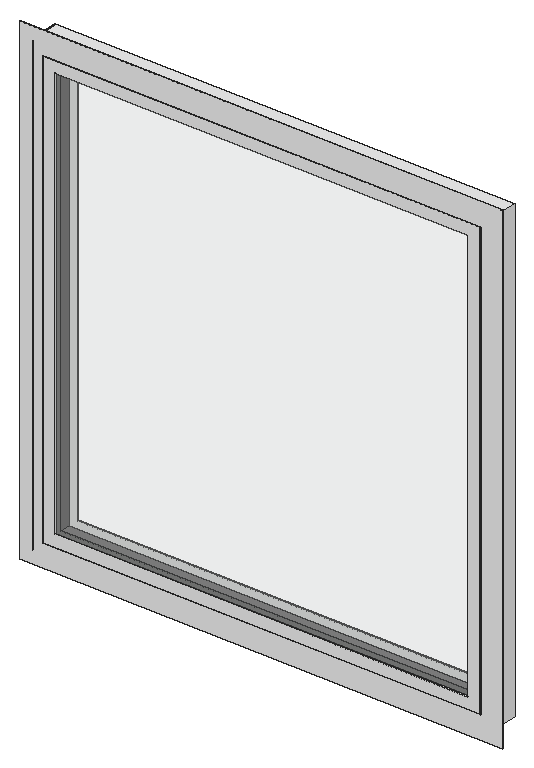
Revit family "Casement_30.5_C_Top_Hung_Standard", category Windows, host Wall, Revit 2014
Parameters (values of type "Casement_Sash_DG")
  Width Sash [instance] = 30 mm
  Width Sash Inner = 15 mm
  Width Bead = 15 mm
  Top Hung [instance] = yes
  Side Hung Right [instance] = yes
  Side Hung Left [instance] = yes
  Sash Opening Width [instance] = 600 mm
  Sash Opening Height [instance] = 600.312 mm
  Sash Lip = 15 mm
  Glazing Material [instance] = Glass
  DG Start Piece 2 [instance] = DG End Piece 1 + DG Gasket Thickness  # 25 mm
  DG Start Peice 1 [instance] = (Depth Sash - (2 * DG Glazing Thickness) - DG Gasket Thickness) / 2  # 6.6 mm
  Glazing Offset = 5 mm
  DG Glazing Thickness [instance] = 6.4 mm
  DG Gasket Thickness = 12 mm  # constant formula
  DG Gasket Material [instance] = Double Glazing Gasket Material
  DG End Piece 2 [instance] = DG Start Piece 2 + DG Glazing Thickness  # 31.4 mm
  DG End Piece 1 [instance] = DG Start Peice 1 + DG Glazing Thickness  # 13 mm
  Depth Sash [instance] = 38 mm
  Center Vertical Sash [instance] = Sash Opening Height / 2  # 300.156 mm
  Center Horizontal Sash [instance] = Sash Opening Width / 2  # 300 mm
  Bottom Hung [instance] = yes
  Bead Offset = 15 mm
  Aluminium Thickness = 1 mm
  Aluminium Material [instance] = White Powder Coated Aluminium
Reference planes
  plane 1 "Center (Front/Back)": y = 0
  plane 2: z = 0
  plane 3 "Center (Left/Right)": x = 0
Forms (mm)
  Sweep 1, solid, material "White Powder Coated Aluminium" <- "Aluminium Material"
    path origin (16.177, 0, 121.331) x (1, 0, 0) y (0, 0, 1)
      loop
        line (0, 0) -> (600, 0) -> (600, 600.312) -> (0, 600.312) -> (0, 0)
    profile origin (316.177, 0, 121.331) x (0, 0, 1) y (0, -1, 0)
      loop
        line (0, 0) -> (30, 0) -> (30, 1) -> (15, 1) -> (15, 38) -> (-15, 38) -> (-15, 37) -> (0, 37) -> (0, 0)
      loop
        line (14, 1) -> (14, 37) -> (1, 37) -> (1, 1) -> (14, 1)
  Sweep 2, solid, material "White Powder Coated Aluminium" <- "Aluminium Material"
    path origin (0, 0, 0) x (1, 0, 0) y (0, 0, 1)
      loop
        line (31.177, 706.643) -> (31.177, 136.331) -> (601.177, 136.331) -> (601.177, 706.643) -> (31.177, 706.643)
    profile origin (316.177, 0, 706.643) x (0, 0, 1) y (0, -1, 0)
      loop
        line (0, 37) -> (0, 38) -> (-15, 38) -> (-15, 37) -> (0, 37)
  Extrusion 3, solid, material "Glass" <- "Glazing Material"
    sketch origin (0, 0, 0) x (1, 0, 0) y (0, 0, 1)
      loop
        line (36.177, 701.643) -> (36.177, 141.331) -> (596.177, 141.331) -> (596.177, 701.643) -> (36.177, 701.643)
    from 6.6 <- "DG Start Peice 1" to 13 <- "DG End Piece 1"
  Extrusion 4, solid, material "Glass" <- "Glazing Material"
    sketch origin (0, 0, 0) x (1, 0, 0) y (0, 0, 1)
      loop
        line (36.177, 701.643) -> (36.177, 141.331) -> (596.177, 141.331) -> (596.177, 701.643) -> (36.177, 701.643)
    from 31.4 <- "DG End Piece 2" to 25 <- "DG Start Piece 2"
  Sweep 5, solid, material "Double Glazing Gasket Material" <- "DG Gasket Material"
    path origin (0, -13, 0) x (1, 0, 0) y (0, 0, 1)
      loop
        line (36.177, 701.643) -> (36.177, 141.331) -> (596.177, 141.331) -> (596.177, 701.643) -> (36.177, 701.643)
    profile origin (316.177, -13, 701.643) x (0, 0, 1) y (0, -1, 0)
      loop
        line (0, 0) -> (0, 12) -> (-7.96, 12) -> (-7.96, 0) -> (0, 0)
Lines and regions (mm)
  model lines
    curve 1: line (1.177, -38, 736.643) -> (31.177, -38, 706.643)
    curve 2: line (601.177, -38, 706.643) -> (631.177, -38, 736.643)
    curve 3: line (601.177, -38, 136.331) -> (631.177, -38, 106.331)
    curve 4: line (1.177, -38, 106.331) -> (31.177, -38, 136.331)
    curve 5: line (631.177, -37, 736.643) -> (616.177, -37, 721.643)
    curve 6: line (1.177, -37, 736.643) -> (16.177, -37, 721.643)
    curve 7: line (1.177, -37, 106.331) -> (16.177, -37, 121.331)
    curve 8: line (631.177, -37, 106.331) -> (616.177, -37, 121.331)
    curve 9: line (616.177, 0, 121.331) -> (586.177, 0, 151.331)
    curve 10: line (46.177, 0, 151.331) -> (16.177, 0, 121.331)
    curve 11: line (616.177, 0, 721.643) -> (586.177, 0, 691.643)
    curve 12: line (46.177, 0, 691.643) -> (16.177, 0, 721.643)
    curve 13: line (31.177, -38, 691.643) -> (46.177, -38, 691.643)
    curve 14: line (586.177, -38, 691.643) -> (601.177, -38, 691.643)
    curve 15: line (586.177, -38, 151.331) -> (601.177, -38, 151.331)
    curve 16: line (31.177, -38, 151.331) -> (46.177, -38, 151.331)
  model lines, style "GenericModelHiddenLines", visible <- "Top Hung"
    curve 17: line (46.386, -31.4, 690.914) -> (316.177, -31.4, 151.331)
    curve 18: line (316.177, -31.4, 151.331) -> (586.177, -31.4, 691.331)
  model lines, style "GenericModelHiddenLines", visible <- "Bottom Hung"
    curve 19: line (46.177, -31.4, 151.331) -> (316.177, -31.4, 691.331)
    curve 20: line (316.177, -31.4, 691.331) -> (586.177, -31.4, 151.331)
  model lines, style "GenericModelHiddenLines", visible <- "Side Hung Left"
    curve 21: line (46.386, -31.4, 690.914) -> (585.24, -31.4, 421.487)
    curve 22: line (585.24, -31.4, 421.487) -> (46.177, -31.4, 151.331)
  model lines, style "GenericModelHiddenLines", visible <- "Side Hung Right"
    curve 23: line (586.177, -31.4, 691.331) -> (46.177, -31.4, 421.487)
    curve 24: line (46.177, -31.4, 421.487) -> (586.177, -31.4, 151.331)
Dimensions and locks
  "Aluminium Thickness": Sweep 1 sketch curve to Sweep 1 sketch curve  (x4)
  "Depth Sash": Sweep 1 sketch curve to Sweep 1 sketch curve
  "Sash Opening Width": Sweep 1 to Sweep 1
  "Sash Opening Height": Sweep 1 to Sweep 1
  "Width Sash": Sweep 1 sketch curve to Sweep 1 sketch curve  (x2)
  "Width Sash Inner": Sweep 1 sketch curve to Sweep 1 sketch curve
  "Sash Lip": Sweep 1 sketch curve to Sweep 1 sketch curve
  "Aluminium Thickness": Sweep 1 to Sweep 2 sketch curve
  "Glazing Offset": Sweep 2 to Extrusion 3 sketch curve  (x3)
  "Glazing Offset": Extrusion 3 sketch curve to Sweep 2
  Sweep 1 to Sweep 1 = 1 mm
  "Aluminium Thickness": Sweep 2 sketch curve to Sweep 2 sketch curve
  "Width Bead": Sweep 2 sketch curve to Sweep 2 sketch curve
  locked: Sweep 5 sketch curve to Sweep 5 sketch curve at 7.96
  "Center Horizontal Sash": Sweep 1 to curve 18
  "Center Horizontal Sash": Sweep 1 to curve 20
  "Center Vertical Sash": Sweep 1 to curve 22
  "Center Vertical Sash": Sweep 1 to curve 24
  aligned and locked: level to plane 2
  aligned and locked: Sweep 1 sketch curve to Sweep 1 sketch curve  (x2)
  aligned and locked: Sweep 2 sketch curve to Sweep 1  (x5)
  aligned and locked: Extrusion 4 sketch curve to Extrusion 3  (x4)
  aligned and locked: Sweep 5 sketch curve to Extrusion 3  (x5)
  aligned and locked: Extrusion 3 to Sweep 5 sketch curve
Automatic sketch dimensions
  plane 3 "Center (Left/Right)" to Sweep 1 sketch curve = 16.177 mm
  level to Sweep 1 sketch curve = 121.331 mm
  plane 3 "Center (Left/Right)" to Sweep 1 sketch curve = 616.177 mm
  level to Sweep 1 sketch curve = 721.643 mm
  profile plane to Sweep 5 sketch curve = 12 mm
  curve 7 to Sweep 1 = 0 mm  (x4)
  curve 6 to Sweep 1 = 0 mm  (x3)
  Sweep 1 to curve 6 = 0 mm
  curve 5 to Sweep 1 = 0 mm  (x3)
  curve 8 to Sweep 1 = 0 mm  (x4)
  Sweep 1 to curve 5 = 0 mm
  curve 16 to Sweep 2 = 0 mm  (x3)
  curve 13 to Sweep 2 = 0 mm  (x3)
  curve 15 to Sweep 2 = 0 mm
  Sweep 2 to curve 15 = 0 mm  (x2)
  curve 14 to Sweep 2 = 0 mm  (x2)
  Sweep 2 to curve 14 = 0 mm
  curve 1 to Sweep 1 = 0 mm  (x4)
  curve 4 to Sweep 1 = 0 mm  (x3)
  Sweep 1 to curve 4 = 0 mm
  curve 3 to Sweep 1 = 0 mm  (x3)
  curve 2 to Sweep 1 = 0 mm  (x4)
  Sweep 1 to curve 3 = 0 mm
  curve 10 to Sweep 1 = 0 mm  (x4)
  curve 12 to Sweep 1 = 0 mm  (x3)
  Sweep 1 to curve 12 = 0 mm
  curve 9 to Sweep 1 = 0 mm  (x4)
  curve 11 to Sweep 1 = 0 mm  (x3)
  Sweep 1 to curve 11 = 0 mm
  Sweep 1 sketch curve to plane 1 "Center (Front/Back)" = 0 mm
  profile plane to Sweep 1 sketch curve = 0 mm
  curve 21 to Extrusion 4 = 10.208 mm
  curve 19 to Extrusion 4 = 10 mm
  curve 23 to Extrusion 4 = 10 mm  (x2)
  curve 22 to Extrusion 4 = 10.937 mm
  curve 20 to Extrusion 4 = 10 mm
  curve 24 to Extrusion 4 = 10 mm
  curve 22 to Extrusion 4 = 10 mm
  curve 18 to Extrusion 4 = 10 mm
  curve 21 to Extrusion 4 = 10.729 mm
  curve 19 to Extrusion 4 = 10.312 mm
  curve 18 to Extrusion 4 = 10.312 mm
Types in the file's own list only (6): name | Windload Design | Width Sash Right Opening | Width Sash Right | Width Sash Left Opening | Width Sash Left | Width Profile | Width Fixed Panel Center | Width | URL | Offset Window Exterior | Offset Mullion Right Side | Max System DG Unit Thickness | Max System DG One Piece Thickness | Max Pane Area | Limit Fixed Pane Width Max | Intruderprufe U Value | Intruderprufe SHGC Value | Intruderprufe LowE U Value | Intruderprufe LowE SHGC Value | Height Sash Opening | Height | Energy Advantage U Value | Energy Advantage SHGC Value | DG Thickness Calc | DG Thickness | Custom Window Width | Custom Window Height | Window Exterior Offset | Custom Windload | Custom Sash Right Width | Custom Sash Left Width | Sash Height | Sash Spacing Inner | Sash Overlap | Sash Center Offset | SG Gasket Thickness | Offset Sash Side | Offset Sash Top | Offset Fixed Panel Left | Offset Mullion Left Side | Offset Bead Center Reversed | Model | Manufacturer | Limit Window Width Min | Limit Window Width Max | Limit Window Height Min | Limit Window Height Max | Limit Sash Width Min | Limit Sash Width Max | Limit Sash Height Min | Limit Sash Height Max | Limit Fixed Pane Width Min | Length Mullion | Height Sash | Height Fixed Panel Center | Double Glazing | Description | Depth Mullion | Frame Center Offset | Depth Bead | Default Sill Height | Wall Closure | DG Gasket Finish | DG Extrusion Start | Mullion Depth Windload Based | Clearvue U Value | Clearvue SHGC Value | Casement Dimension | Bottom Hung | Bead SG Gap | Area Pane Right | Area Pane Middle | Area Pane Left
  305-1806TT-1000Pa | 1000 mm | 524 mm | 554 mm | 524 mm | 554 mm | 30 mm | 590 mm | 1790 mm | "http://www.crealco.co.za/crealco-products.php" | 15 mm | 570 mm | 18 mm | 3 mm | 0.30 m² | 1500 mm | 6.12 | 0.532 | 4.73 | 0.472 | 544 mm | 590 mm | 4.82 | 0.5 | 3 mm | 3 mm | 1790 mm | 590 mm | 0 mm | 1000 mm | 554 mm | 554 mm | 545 mm | 8 mm | 7 mm | 12 mm | 6 mm | 23 mm | 23 mm | 600 mm | 570 mm | 15 mm | "Casement 30.5" | "Crealco" | 1400 mm | 2700 mm | 346 mm | 796 mm | 300 mm | 1000 mm | 300 mm | 750 mm | 200 mm | 590 mm | 514 mm | 530 mm | No | "Window 30.5mm, Type C top hung" | 32 mm | 15 mm | 17 mm | 800 mm | By host | Double Glazing Gasket Material | 5 mm | 32 mm | 6.26 | 0.559 | 31 mm | No | 13 mm | 0.22 m² | 0.30 m² | 0.22 m²
  305-2406TT-1000Pa | 1000 mm | 524 mm | 554 mm | 524 mm | 554 mm | 30 mm | 1190 mm | 2390 mm | "http://www.crealco.co.za/crealco-products.php" | 15 mm | 570 mm | 18 mm | 3 mm | 0.61 m² | 1500 mm | 6.1 | 0.532 | 4.74 | 0.473 | 544 mm | 590 mm | 4.86 | 0.499 | 3 mm | 3 mm | 2390 mm | 590 mm | 0 mm | 1000 mm | 554 mm | 554 mm | 545 mm | 8 mm | 7 mm | 12 mm | 6 mm | 23 mm | 23 mm | 600 mm | 570 mm | 15 mm | "Casement 30.5" | "Crealco" | 1400 mm | 2700 mm | 346 mm | 796 mm | 300 mm | 1000 mm | 300 mm | 750 mm | 200 mm | 590 mm | 514 mm | 530 mm | No | "Window 30.5mm, Type C top hung" | 32 mm | 15 mm | 17 mm | 800 mm | By host | Double Glazing Gasket Material | 5 mm | 32 mm | 6.24 | 0.557 | 31 mm | No | 13 mm | 0.22 m² | 0.61 m² | 0.22 m²
  305-1806TT-1500Pa | 1500 mm | 524 mm | 554 mm | 524 mm | 554 mm | 30 mm | 590 mm | 1790 mm | "http://www.crealco.co.za/crealco-products.php" | 15 mm | 570 mm | 18 mm | 3 mm | 0.30 m² | 1500 mm | 6.12 | 0.532 | 4.73 | 0.472 | 544 mm | 590 mm | 4.82 | 0.5 | 3 mm | 3 mm | 1790 mm | 590 mm | 0 mm | 1500 mm | 554 mm | 554 mm | 545 mm | 8 mm | 7 mm | 12 mm | 6 mm | 23 mm | 23 mm | 600 mm | 570 mm | 15 mm | "Casement 30.5" | "Crealco" | 1400 mm | 2700 mm | 346 mm | 796 mm | 300 mm | 1000 mm | 300 mm | 750 mm | 200 mm | 590 mm | 514 mm | 530 mm | No | "Window 30.5mm, Type C top hung" | 32 mm | 15 mm | 17 mm | 800 mm | By host | Double Glazing Gasket Material | 5 mm | 32 mm | 6.26 | 0.559 | 31 mm | No | 13 mm | 0.22 m² | 0.30 m² | 0.22 m²
  305-1806TT-2000Pa | 2000 mm | 524 mm | 554 mm | 524 mm | 554 mm | 30 mm | 590 mm | 1790 mm | "http://www.crealco.co.za/crealco-products.php" | 15 mm | 570 mm | 18 mm | 3 mm | 0.30 m² | 1500 mm | 6.12 | 0.532 | 4.73 | 0.472 | 544 mm | 590 mm | 4.82 | 0.5 | 3 mm | 3 mm | 1790 mm | 590 mm | 0 mm | 2000 mm | 554 mm | 554 mm | 545 mm | 8 mm | 7 mm | 12 mm | 6 mm | 23 mm | 23 mm | 600 mm | 570 mm | 15 mm | "Casement 30.5" | "Crealco" | 1400 mm | 2700 mm | 346 mm | 796 mm | 300 mm | 1000 mm | 300 mm | 750 mm | 200 mm | 590 mm | 514 mm | 530 mm | No | "Window 30.5mm, Type C top hung" | 32 mm | 15 mm | 17 mm | 800 mm | By host | Double Glazing Gasket Material | 5 mm | 32 mm | 6.26 | 0.559 | 31 mm | No | 13 mm | 0.22 m² | 0.30 m² | 0.22 m²
  305-2406TT-1500Pa | 1500 mm | 524 mm | 554 mm | 524 mm | 554 mm | 30 mm | 1190 mm | 2390 mm | "http://www.crealco.co.za/crealco-products.php" | 15 mm | 570 mm | 18 mm | 3 mm | 0.61 m² | 1500 mm | 6.1 | 0.532 | 4.74 | 0.473 | 544 mm | 590 mm | 4.86 | 0.499 | 3 mm | 3 mm | 2390 mm | 590 mm | 0 mm | 1500 mm | 554 mm | 554 mm | 545 mm | 8 mm | 7 mm | 12 mm | 6 mm | 23 mm | 23 mm | 600 mm | 570 mm | 15 mm | "Casement 30.5" | "Crealco" | 1400 mm | 2700 mm | 346 mm | 796 mm | 300 mm | 1000 mm | 300 mm | 750 mm | 200 mm | 590 mm | 514 mm | 530 mm | No | "Window 30.5mm, Type C top hung" | 32 mm | 15 mm | 17 mm | 800 mm | By host | Double Glazing Gasket Material | 5 mm | 32 mm | 6.24 | 0.557 | 31 mm | No | 13 mm | 0.22 m² | 0.61 m² | 0.22 m²
  305-2406TT-2000Pa | 2000 mm | 524 mm | 554 mm | 524 mm | 554 mm | 30 mm | 1190 mm | 2390 mm | "http://www.crealco.co.za/crealco-products.php" | 15 mm | 570 mm | 18 mm | 3 mm | 0.61 m² | 1500 mm | 6.1 | 0.532 | 4.74 | 0.473 | 544 mm | 590 mm | 4.86 | 0.499 | 3 mm | 3 mm | 2390 mm | 590 mm | 0 mm | 2000 mm | 554 mm | 554 mm | 545 mm | 8 mm | 7 mm | 12 mm | 6 mm | 23 mm | 23 mm | 600 mm | 570 mm | 15 mm | "Casement 30.5" | "Crealco" | 1400 mm | 2700 mm | 346 mm | 796 mm | 300 mm | 1000 mm | 300 mm | 750 mm | 200 mm | 590 mm | 514 mm | 530 mm | No | "Window 30.5mm, Type C top hung" | 32 mm | 15 mm | 17 mm | 800 mm | By host | Double Glazing Gasket Material | 5 mm | 32 mm | 6.24 | 0.557 | 31 mm | No | 13 mm | 0.22 m² | 0.61 m² | 0.22 m²
